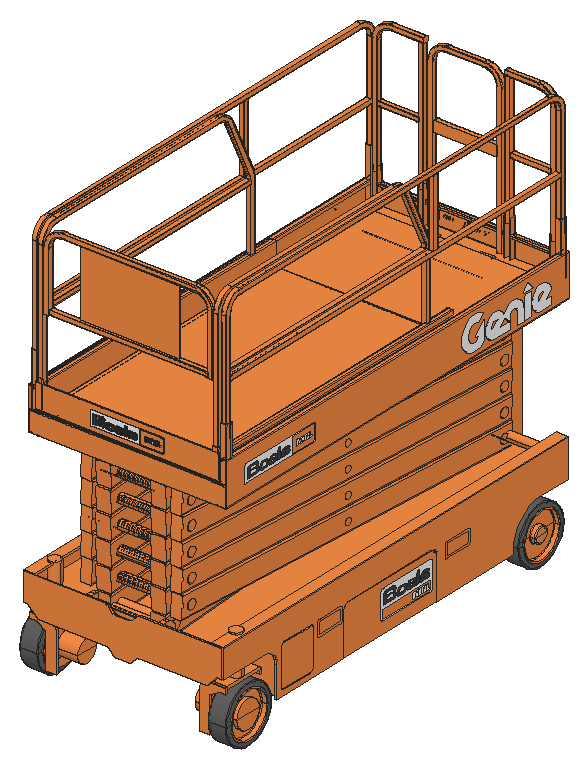
Revit family "BoelsRental_ScissorLift_Genie_GS4655a", category Site, Revit 2019 (continued)
Definition of nested family "GS4655_Basket"
  Parameters (values of type "GS4655_Basket")
    WorkingHeight = no
    White = none
    Orange = none
    Default Elevation = 0 mm
    Clearance = none
  Reference planes
    plane 1 "Center (Front/Back)": y = 0
    plane 2: z = 0
    plane 3 "Center (Left/Right)": x = 0
    plane 4: y = 266.342
    plane 5: y = 1327.342
  Forms (mm)
    Extrusion 1, solid
      sketch origin (0, 0, 0) x (1, 0, 0) y (0, 1, 0)
        loop
          line (-1219.2, 1219.2) -> (-1219.2, -1219.2) -> (1219.2, -1219.2) -> (1219.2, 1219.2) -> (-1219.2, 1219.2)
      from 0 to -304.8
    Sweep 2, solid, material <- "Orange"
      path origin (0, 0, 0) x (0, 1, 0) y (0, 0, 1)
        loop
          line (-1486.762, 347.838) -> (-1486.762, 1092.206)
          arc (-1486.762, 1092.206) -> (-1457.18, 1163.623) -> (-1385.762, 1193.206) r 101
          line (-1385.762, 1193.206) -> (1230.719, 1193.206)
          arc (1230.719, 1193.206) -> (1302.137, 1163.623) -> (1331.719, 1092.206) r 101
          line (1331.719, 1092.206) -> (1331.72, 347.838)
      profile origin (0, -77.521, 1193.206) x (0, 0, 1) y (1, 0, 0)
        loop
          line (-16, -624.238) -> (-16, -652.238)
          arc (-16, -652.238) -> (-15.414, -653.652) -> (-14, -654.238) r 2
          line (-14, -654.238) -> (14, -654.238)
          arc (14, -654.238) -> (15.414, -653.652) -> (16, -652.238) r 2
          line (16, -652.238) -> (16, -624.238)
          arc (16, -624.238) -> (15.414, -622.824) -> (14, -622.238) r 2
          line (14, -622.238) -> (-14, -622.238)
          arc (-14, -622.238) -> (-15.414, -622.824) -> (-16, -624.238) r 2
        loop
          arc (-16, 624.238) -> (-15.414, 622.824) -> (-14, 622.238) r 2
          line (-14, 622.238) -> (14, 622.238)
          arc (14, 622.238) -> (15.414, 622.824) -> (16, 624.238) r 2
          line (16, 624.238) -> (16, 652.238)
          arc (16, 652.238) -> (15.414, 653.652) -> (14, 654.238) r 2
          line (14, 654.238) -> (-14, 654.238)
          arc (-14, 654.238) -> (-15.414, 653.652) -> (-16, 652.238) r 2
          line (-16, 652.238) -> (-16, 624.238)
    Extrusion 3, solid, material <- "Orange"
      sketch origin (0, 0, 0) x (1, 0, 0) y (0, 0, 1)
        loop
          arc (-624.238, 688.131) -> (-622.824, 688.716) -> (-622.238, 690.131) r 2
          line (-622.238, 690.131) -> (-622.238, 718.131)
          arc (-622.238, 718.131) -> (-622.824, 719.545) -> (-624.238, 720.131) r 2
          line (-624.238, 720.131) -> (-652.238, 720.131)
          arc (-652.238, 720.131) -> (-653.652, 719.545) -> (-654.238, 718.131) r 2
          line (-654.238, 718.131) -> (-654.238, 690.131)
          arc (-654.238, 690.131) -> (-653.652, 688.716) -> (-652.238, 688.131) r 2
          line (-652.238, 688.131) -> (-624.238, 688.131)
        loop
          line (624.238, 688.131) -> (652.238, 688.131)
          arc (652.238, 688.131) -> (653.652, 688.716) -> (654.238, 690.131) r 2
          line (654.238, 690.131) -> (654.238, 718.131)
          arc (654.238, 718.131) -> (653.652, 719.545) -> (652.238, 720.131) r 2
          line (652.238, 720.131) -> (624.238, 720.131)
          arc (624.238, 720.131) -> (622.824, 719.545) -> (622.238, 718.131) r 2
          line (622.238, 718.131) -> (622.238, 690.131)
          arc (622.238, 690.131) -> (622.824, 688.716) -> (624.238, 688.131) r 2
      from -1315.719 to 1470.762
    Extrusion 4, solid, material <- "Orange"
      sketch origin (1.996, 0, 0) x (1, 0, 0) y (0, 1, 0)
        loop
          arc (-624.238, 240.009) -> (-622.824, 240.594) -> (-622.238, 242.009) r 2
          line (-622.238, 242.009) -> (-622.238, 270.009)
          arc (-622.238, 270.009) -> (-622.824, 271.423) -> (-624.238, 272.009) r 2
          line (-624.238, 272.009) -> (-652.238, 272.009)
          arc (-652.238, 272.009) -> (-653.652, 271.423) -> (-654.238, 270.009) r 2
          line (-654.238, 270.009) -> (-654.238, 242.009)
          arc (-654.238, 242.009) -> (-653.652, 240.594) -> (-652.238, 240.009) r 2
          line (-652.238, 240.009) -> (-624.238, 240.009)
        loop
          line (624.238, 240.009) -> (652.238, 240.009)
          arc (652.238, 240.009) -> (653.652, 240.594) -> (654.238, 242.009) r 2
          line (654.238, 242.009) -> (654.238, 270.009)
          arc (654.238, 270.009) -> (653.652, 271.423) -> (652.238, 272.009) r 2
          line (652.238, 272.009) -> (624.238, 272.009)
          arc (624.238, 272.009) -> (622.824, 271.423) -> (622.238, 270.009) r 2
          line (622.238, 270.009) -> (622.238, 242.009)
          arc (622.238, 242.009) -> (622.824, 240.594) -> (624.238, 240.009) r 2
      from 720.131 to 1177.206
    Sweep 5, solid, material <- "Orange"
      path origin (0, 0, 0) x (1, 0, 0) y (0, 0, 1)
        loop
          line (-228.291, 88.739) -> (-228.291, 1090.986)
          arc (-228.291, 1090.986) -> (-198.708, 1162.404) -> (-127.291, 1191.986) r 101
          line (-127.291, 1191.986) -> (136.31, 1191.986)
          arc (136.31, 1191.986) -> (207.728, 1162.404) -> (237.31, 1090.986) r 101
          line (237.31, 1090.986) -> (237.31, 88.739)
      profile origin (-228.291, 0, 589.863) x (-1, 0, 0) y (0, -1, 0)
        loop
          line (14, -1315.719) -> (-14, -1315.719)
          arc (-14, -1315.719) -> (-15.414, -1316.305) -> (-16, -1317.719) r 2
          line (-16, -1317.719) -> (-16, -1345.719)
          arc (-16, -1345.719) -> (-15.414, -1347.134) -> (-14, -1347.719) r 2
          line (-14, -1347.719) -> (14, -1347.719)
          arc (14, -1347.719) -> (15.414, -1347.134) -> (16, -1345.719) r 2
          line (16, -1345.719) -> (16, -1317.719)
          arc (16, -1317.719) -> (15.414, -1316.305) -> (14, -1315.719) r 2
    Sweep 6, solid, material <- "Orange"
      path origin (-373.13, 0, 0) x (1, 0, 0) y (0, 0, 1)
        loop
          line (-228.291, 288.825) -> (-228.291, 1090.986)
          arc (-228.291, 1090.986) -> (-198.708, 1162.404) -> (-127.291, 1191.986) r 101
          line (-127.291, 1191.986) -> (100.514, 1191.986)
      profile origin (-601.421, 0, 689.906) x (-1, 0, 0) y (0, -1, 0)
        loop
          line (14, -1315.719) -> (-14, -1315.719)
          arc (-14, -1315.719) -> (-15.414, -1316.305) -> (-16, -1317.719) r 2
          line (-16, -1317.719) -> (-16, -1345.719)
          arc (-16, -1345.719) -> (-15.414, -1347.134) -> (-14, -1347.719) r 2
          line (-14, -1347.719) -> (14, -1347.719)
          arc (14, -1347.719) -> (15.414, -1347.134) -> (16, -1345.719) r 2
          line (16, -1345.719) -> (16, -1317.719)
          arc (16, -1317.719) -> (15.414, -1316.305) -> (14, -1315.719) r 2
    Sweep 7, solid, material <- "Orange"
      path origin (373.13, 0, 0) x (-1, 0, 0) y (0, 0, 1)
        loop
          line (-228.291, 288.825) -> (-228.291, 1090.986)
          arc (-228.291, 1090.986) -> (-198.708, 1162.404) -> (-127.291, 1191.986) r 101
          line (-127.291, 1191.986) -> (100.514, 1191.986)
      profile origin (601.421, 0, 689.906) x (-1, 0, 0) y (0, -1, 0)
        loop
          arc (-14, -1315.719) -> (-15.414, -1316.305) -> (-16, -1317.719) r 2
          line (-16, -1317.719) -> (-16, -1345.719)
          arc (-16, -1345.719) -> (-15.414, -1347.134) -> (-14, -1347.719) r 2
          line (-14, -1347.719) -> (14, -1347.719)
          arc (14, -1347.719) -> (15.414, -1347.134) -> (16, -1345.719) r 2
          line (16, -1345.719) -> (16, -1317.719)
          arc (16, -1317.719) -> (15.414, -1316.305) -> (14, -1315.719) r 2
          line (14, -1315.719) -> (-14, -1315.719)
    Extrusion 8, solid, material <- "Orange"
      sketch origin (0, 0, 0) x (1, 0, 0) y (0, 1, 0)
        loop
          line (-305.541, 1315.719) -> (-277.541, 1315.719)
          arc (-277.541, 1315.719) -> (-276.126, 1316.305) -> (-275.541, 1317.719) r 2
          line (-275.541, 1317.719) -> (-275.541, 1345.719)
          arc (-275.541, 1345.719) -> (-276.126, 1347.134) -> (-277.541, 1347.719) r 2
          line (-277.541, 1347.719) -> (-305.541, 1347.719)
          arc (-305.541, 1347.719) -> (-306.955, 1347.134) -> (-307.541, 1345.719) r 2
          line (-307.541, 1345.719) -> (-307.541, 1317.719)
          arc (-307.541, 1317.719) -> (-306.955, 1316.305) -> (-305.541, 1315.719) r 2
        loop
          arc (305.541, 1315.719) -> (306.955, 1316.305) -> (307.541, 1317.719) r 2
          line (307.541, 1317.719) -> (307.541, 1345.719)
          arc (307.541, 1345.719) -> (306.955, 1347.134) -> (305.541, 1347.719) r 2
          line (305.541, 1347.719) -> (277.541, 1347.719)
          arc (277.541, 1347.719) -> (276.126, 1347.134) -> (275.541, 1345.719) r 2
          line (275.541, 1345.719) -> (275.541, 1317.719)
          arc (275.541, 1317.719) -> (276.126, 1316.305) -> (277.541, 1315.719) r 2
          line (277.541, 1315.719) -> (305.541, 1315.719)
      from 288.825 to 1175.986
    Extrusion 9, solid, material <- "Orange"
      sketch origin (77.521, 693.482, 0) x (0, -1, 0) y (0, 0, 1)
        loop
          arc (-624.238, 688.131) -> (-622.824, 688.716) -> (-622.238, 690.131) r 2
          line (-622.238, 690.131) -> (-622.238, 718.131)
          arc (-622.238, 718.131) -> (-622.824, 719.545) -> (-624.238, 720.131) r 2
          line (-624.238, 720.131) -> (-652.238, 720.131)
          arc (-652.238, 720.131) -> (-653.652, 719.545) -> (-654.238, 718.131) r 2
          line (-654.238, 718.131) -> (-654.238, 690.131)
          arc (-654.238, 690.131) -> (-653.652, 688.716) -> (-652.238, 688.131) r 2
          line (-652.238, 688.131) -> (-624.238, 688.131)
      from 385.062 to 662.942
    Extrusion 10, solid, material <- "Orange"
      sketch origin (-77.521, 693.482, 0) x (0, -1, 0) y (0, 0, -1)
        loop
          line (-624.238, -688.131) -> (-652.238, -688.131)
          arc (-652.238, -688.131) -> (-653.652, -688.716) -> (-654.238, -690.131) r 2
          line (-654.238, -690.131) -> (-654.238, -718.131)
          arc (-654.238, -718.131) -> (-653.652, -719.545) -> (-652.238, -720.131) r 2
          line (-652.238, -720.131) -> (-624.238, -720.131)
          arc (-624.238, -720.131) -> (-622.824, -719.545) -> (-622.238, -718.131) r 2
          line (-622.238, -718.131) -> (-622.238, -690.131)
          arc (-622.238, -690.131) -> (-622.824, -688.716) -> (-624.238, -688.131) r 2
      from 385.062 to 662.942
    Extrusion 11, solid, material <- "Orange"
      sketch origin (77.521, 693.482, 0) x (0, -1, 0) y (0, 0, 1)
        loop
          line (-624.268, 664.82) -> (-624.268, 736.82) -> (-655.288, 736.82)
          arc (-655.288, 736.82) -> (-656.702, 736.235) -> (-657.288, 734.82) r 2
          line (-657.288, 734.82) -> (-657.288, 666.82)
          arc (-657.288, 666.82) -> (-656.702, 665.406) -> (-655.288, 664.82) r 2
          line (-655.288, 664.82) -> (-624.268, 664.82)
      from -143.789 to 289.812
    Extrusion 12, solid, material <- "Orange"
      sketch origin (0, 0, 0) x (0, 1, 0) y (0, 0, 1)
        loop
          line (1289.922, 63.5) -> (1162.922, 63.5) -> (1162.922, -58.678) -> (1289.922, -58.678) -> (1289.922, 63.5)
      from 595 to 665
    Extrusion 13, solid, material <- "Orange"
      sketch origin (0, 0, 0) x (0, 1, 0) y (0, 0, 1)
        loop
          line (1289.922, 63.5) -> (1162.922, 63.5) -> (1162.922, -58.678) -> (1289.922, -58.678) -> (1289.922, 63.5)
      from -595 to -665
    Extrusion 14, solid, material <- "Orange"
      sketch origin (0, 0, 0) x (0, 1, 0) y (0, 0, 1)
        loop
          circle (1226.422, 0) r 30
      from -595 to 595
    Extrusion 15, solid, material <- "Orange"
      sketch origin (0, 0, 0) x (0, 1, 0) y (0, 0, 1)
        loop
          line (-1369.246, 63.877) -> (-1369.246, 73.402) -> (-1477.196, 73.402) -> (-1477.196, -53.598) -> (-1467.671, -53.598) -> (-1467.671, 63.877) -> (-1369.246, 63.877)
      from -420 to 420
    Extrusion 16, solid, material <- "Orange"
      sketch origin (0, 0, 0) x (0, 1, 0) y (0, 0, 1)
        loop
          line (-1467.671, 63.877) -> (-1467.671, -25.023) -> (-1410.521, -25.023)
          arc (-1410.521, -25.023) -> (-1388.071, -15.724) -> (-1378.771, 6.727) r 31.75
          line (-1378.771, 6.727) -> (-1378.771, 63.877) -> (-1467.671, 63.877)
      from 265 to 335
    Extrusion 17, solid, material <- "Orange"
      sketch origin (0, 0, 0) x (0, 1, 0) y (0, 0, 1)
        loop
          line (-1467.671, 63.877) -> (-1467.671, -25.023) -> (-1410.521, -25.023)
          arc (-1410.521, -25.023) -> (-1388.071, -15.724) -> (-1378.771, 6.727) r 31.75
          line (-1378.771, 6.727) -> (-1378.771, 63.877) -> (-1467.671, 63.877)
      from -265 to -335
    Extrusion 18, solid, material <- "Orange"
      sketch origin (0, 0, 0) x (1, 0, 0) y (0, 1, 0)
        loop
          line (-622.238, 1310.719) -> (-622.238, 1314.719) -> (-655.238, 1314.719) -> (-655.238, 1348.719) -> (-622.238, 1348.719) -> (-622.238, 1352.719) -> (-655.238, 1352.719)
          arc (-655.238, 1352.719) -> (-658.066, 1351.548) -> (-659.238, 1348.719) r 4
          line (-659.238, 1348.719) -> (-659.238, 1314.719)
          arc (-659.238, 1314.719) -> (-658.066, 1311.891) -> (-655.238, 1310.719) r 4
          line (-655.238, 1310.719) -> (-622.238, 1310.719)
        loop
          line (622.238, 1310.719) -> (655.238, 1310.719)
          arc (655.238, 1310.719) -> (658.066, 1311.891) -> (659.238, 1314.719) r 4
          line (659.238, 1314.719) -> (659.238, 1348.719)
          arc (659.238, 1348.719) -> (658.066, 1351.548) -> (655.238, 1352.719) r 4
          line (655.238, 1352.719) -> (622.238, 1352.719) -> (622.238, 1348.719) -> (655.238, 1348.719) -> (655.238, 1314.719) -> (622.238, 1314.719) -> (622.238, 1310.719)
        loop
          line (-622.238, -1507.762) -> (-622.238, -1503.762) -> (-655.238, -1503.762) -> (-655.238, -1469.762) -> (-622.238, -1469.762) -> (-622.238, -1465.762) -> (-655.238, -1465.762)
          arc (-655.238, -1465.762) -> (-658.066, -1466.934) -> (-659.238, -1469.762) r 4
          line (-659.238, -1469.762) -> (-659.238, -1503.762)
          arc (-659.238, -1503.762) -> (-658.066, -1506.591) -> (-655.238, -1507.762) r 4
          line (-655.238, -1507.762) -> (-622.238, -1507.762)
        loop
          line (622.238, -1507.762) -> (655.238, -1507.762)
          arc (655.238, -1507.762) -> (658.066, -1506.591) -> (659.238, -1503.762) r 4
          line (659.238, -1503.762) -> (659.238, -1469.762)
          arc (659.238, -1469.762) -> (658.066, -1466.934) -> (655.238, -1465.762) r 4
          line (655.238, -1465.762) -> (622.238, -1465.762) -> (622.238, -1469.762) -> (655.238, -1469.762) -> (655.238, -1503.762) -> (622.238, -1503.762) -> (622.238, -1507.762)
      from 75 to 440
    Extrusion 19, solid, material <- "Orange"
      sketch origin (0, 0, 0) x (1, 0, 0) y (0, 1, 0)
        loop
          line (-312.541, 1315.719) -> (-308.541, 1315.719) -> (-308.541, 1348.719) -> (-274.541, 1348.719) -> (-274.541, 1315.719) -> (-270.541, 1315.719) -> (-270.541, 1348.719)
          arc (-270.541, 1348.719) -> (-271.712, 1351.548) -> (-274.541, 1352.719) r 4
          line (-274.541, 1352.719) -> (-308.541, 1352.719)
          arc (-308.541, 1352.719) -> (-311.369, 1351.548) -> (-312.541, 1348.719) r 4
          line (-312.541, 1348.719) -> (-312.541, 1315.719)
        loop
          line (622.421, 1315.719) -> (622.421, 1348.719)
          arc (622.421, 1348.719) -> (621.249, 1351.548) -> (618.421, 1352.719) r 4
          line (618.421, 1352.719) -> (584.421, 1352.719)
          arc (584.421, 1352.719) -> (581.592, 1351.548) -> (580.421, 1348.719) r 4
          line (580.421, 1348.719) -> (580.421, 1315.719) -> (584.421, 1315.719) -> (584.421, 1348.719) -> (618.421, 1348.719) -> (618.421, 1315.719) -> (622.421, 1315.719)
        loop
          line (312.541, 1315.719) -> (312.541, 1348.719)
          arc (312.541, 1348.719) -> (311.369, 1351.548) -> (308.541, 1352.719) r 4
          line (308.541, 1352.719) -> (274.541, 1352.719)
          arc (274.541, 1352.719) -> (271.712, 1351.548) -> (270.541, 1348.719) r 4
          line (270.541, 1348.719) -> (270.541, 1315.719) -> (274.541, 1315.719) -> (274.541, 1348.719) -> (308.541, 1348.719) -> (308.541, 1315.719) -> (312.541, 1315.719)
        loop
          line (-622.421, 1315.719) -> (-618.421, 1315.719) -> (-618.421, 1348.719) -> (-584.421, 1348.719) -> (-584.421, 1315.719) -> (-580.421, 1315.719) -> (-580.421, 1348.719)
          arc (-580.421, 1348.719) -> (-581.592, 1351.548) -> (-584.421, 1352.719) r 4
          line (-584.421, 1352.719) -> (-618.421, 1352.719)
          arc (-618.421, 1352.719) -> (-621.249, 1351.548) -> (-622.421, 1348.719) r 4
          line (-622.421, 1348.719) -> (-622.421, 1315.719)
      from 75 to 325
    Extrusion 20, solid, material <- "Orange"
      sketch origin (0, 0, 0) x (0, 1, 0) y (0, 0, 1)
        loop
          arc (1342.136, 223.391) -> (1344.021, 222.61) -> (1344.803, 220.724) r 2.667
          line (1344.803, 220.724) -> (1344.803, 76.058) -> (1347.47, 76.058) -> (1347.47, 220.724)
          arc (1347.47, 220.724) -> (1345.907, 224.496) -> (1342.136, 226.058) r 5.334
          line (1342.136, 226.058) -> (1319.022, 226.058)
          arc (1319.022, 226.058) -> (1315.25, 224.496) -> (1313.688, 220.724) r 5.334
          line (1313.688, 220.724) -> (1313.688, 207.008) -> (1316.355, 207.008) -> (1316.355, 220.724)
          arc (1316.355, 220.724) -> (1317.136, 222.61) -> (1319.022, 223.391) r 2.667
          line (1319.022, 223.391) -> (1342.136, 223.391)
      from 312.541 to 580.421
    Extrusion 21, solid, material <- "Orange"
      sketch origin (0, 0, 0) x (0, 1, 0) y (0, 0, 1)
        loop
          arc (1342.136, 223.391) -> (1344.021, 222.61) -> (1344.803, 220.724) r 2.667
          line (1344.803, 220.724) -> (1344.803, 76.058) -> (1347.47, 76.058) -> (1347.47, 220.724)
          arc (1347.47, 220.724) -> (1345.907, 224.496) -> (1342.136, 226.058) r 5.334
          line (1342.136, 226.058) -> (1319.022, 226.058)
          arc (1319.022, 226.058) -> (1315.25, 224.496) -> (1313.688, 220.724) r 5.334
          line (1313.688, 220.724) -> (1313.688, 207.008) -> (1316.355, 207.008) -> (1316.355, 220.724)
          arc (1316.355, 220.724) -> (1317.136, 222.61) -> (1319.022, 223.391) r 2.667
          line (1319.022, 223.391) -> (1342.136, 223.391)
      from -312.5 to -580.4
    Extrusion 22, solid, material <- "Orange"
      sketch origin (0, 0, 0) x (0, 1, 0) y (0, 0, 1)
        loop
          arc (1322.155, 231.139) -> (1318.501, 229.626) -> (1316.988, 225.972) r 5.167
          line (1316.988, 225.972) -> (1316.988, 212.089) -> (1319.488, 212.089) -> (1319.488, 225.972)
          arc (1319.488, 225.972) -> (1320.269, 227.858) -> (1322.155, 228.639) r 2.667
          line (1322.155, 228.639) -> (1345.603, 228.639)
          arc (1345.603, 228.639) -> (1347.488, 227.858) -> (1348.27, 225.972) r 2.667
          line (1348.27, 225.972) -> (1348.27, 88.739) -> (1350.77, 88.739) -> (1350.77, 225.972)
          arc (1350.77, 225.972) -> (1349.256, 229.626) -> (1345.603, 231.139) r 5.167
          line (1345.603, 231.139) -> (1322.155, 231.139)
      from -260 to 260
    Extrusion 23, solid, material <- "Orange"
      sketch origin (0, 0, 0) x (1, 0, 0) y (0, 0, 1)
        loop
          arc (666.75, 223.086) -> (664.805, 227.783) -> (660.108, 229.728) r 6.642
          line (660.108, 229.728) -> (634.708, 229.728)
          arc (634.708, 229.728) -> (630.011, 227.783) -> (628.066, 223.086) r 6.642
          line (628.066, 223.086) -> (628.066, 210.678) -> (630.723, 210.678) -> (630.723, 223.086)
          arc (630.723, 223.086) -> (631.89, 225.904) -> (634.708, 227.072) r 3.985
          line (634.708, 227.072) -> (660.108, 227.072)
          arc (660.108, 227.072) -> (662.926, 225.904) -> (664.093, 223.086) r 3.985
          line (664.093, 223.086) -> (664.093, 76.058) -> (568.843, 76.058) -> (568.843, 73.402) -> (664.093, 73.402) -> (664.093, -54.678)
          arc (664.093, -54.678) -> (662.922, -57.507) -> (660.093, -58.678) r 4
          line (660.093, -58.678) -> (594.243, -58.678) -> (594.243, -61.335) -> (658.75, -61.335)
          arc (658.75, -61.335) -> (664.407, -58.992) -> (666.75, -53.335) r 8
          line (666.75, -53.335) -> (666.75, 223.086)
        loop
          line (-666.75, 223.086) -> (-666.75, -53.335)
          arc (-666.75, -53.335) -> (-664.407, -58.992) -> (-658.75, -61.335) r 8
          line (-658.75, -61.335) -> (-594.243, -61.335) -> (-594.243, -58.678) -> (-660.093, -58.678)
          arc (-660.093, -58.678) -> (-662.922, -57.507) -> (-664.093, -54.678) r 4
          line (-664.093, -54.678) -> (-664.093, 73.402) -> (-568.843, 73.402) -> (-568.843, 76.058) -> (-664.093, 76.058) -> (-664.093, 223.086)
          arc (-664.093, 223.086) -> (-662.926, 225.904) -> (-660.108, 227.072) r 3.985
          line (-660.108, 227.072) -> (-634.708, 227.072)
          arc (-634.708, 227.072) -> (-631.89, 225.904) -> (-630.723, 223.086) r 3.985
          line (-630.723, 223.086) -> (-630.723, 210.678) -> (-628.066, 210.678) -> (-628.066, 223.086)
          arc (-628.066, 223.086) -> (-630.011, 227.783) -> (-634.708, 229.728) r 6.642
          line (-634.708, 229.728) -> (-660.108, 229.728)
          arc (-660.108, 229.728) -> (-664.805, 227.783) -> (-666.75, 223.086) r 6.642
      from -1362.5 to 1520
    Extrusion 24, solid, material <- "Orange"
      sketch origin (0, 0, 0) x (1, 0, 0) y (0, 1, 0)
        loop
          line (-590.55, -1348.55) -> (590.55, -1348.55) -> (590.55, 1267.65) -> (-590.55, 1267.65) -> (-590.55, -1348.55)
      from 76 to 80
    Extrusion 25, solid, material <- "Orange"
      sketch origin (0, 0, 0) x (0, 1, 0) y (0, 0, 1)
        loop
          line (-1520, 71.058) -> (-1520, -61.335) -> (-1477.196, -61.335) -> (-1477.196, 73.402) -> (-1335.85, 73.402) -> (-1335.85, 76.058) -> (-1515, 76.058)
          arc (-1515, 76.058) -> (-1518.536, 74.594) -> (-1520, 71.058) r 5
        loop
          line (1362.5, -54.693) -> (1362.5, 71.058)
          arc (1362.5, 71.058) -> (1361.036, 74.594) -> (1357.5, 76.058) r 5
          line (1357.5, 76.058) -> (1254.95, 76.058) -> (1254.95, 48.002) -> (1360.243, 48.002) -> (1360.243, -54.693) -> (1362.5, -54.693)
      from -664.093 to 664.093
    Extrusion 26, solid, material <- "White"
      sketch origin (-546.037, 877.658, 19.89) x (0, -1, 0) y (0, 0, 1)
        loop
          line (221.743, 170.912) -> (176.733, 125.902) -> (266.752, 125.902) -> (221.743, 170.912)
        loop
          line (197.547, 110.667) -> (197.547, -44.366) -> (245.939, -44.366) -> (245.939, 110.667) -> (197.547, 110.667)
        loop
          line (135.175, -44.366) -> (184.463, -44.366) -> (184.463, 37.439)
          arc (184.463, 37.439) -> (111.9, 118.331) -> (23.63, 54.949) r 81.37
          arc (23.63, 54.949) -> (-118.977, 87.384) -> (-55.488, -44.366) r 81.172
          line (-55.488, -44.366) -> (71.011, -44.366) -> (71.011, 37.439)
          arc (71.011, 37.439) -> (103.093, 69.521) -> (135.175, 37.439) r 32.082
          line (135.175, 37.439) -> (135.175, -44.366)
        loop
          line (24.262, 47.33) -> (-19.292, 3.776) -> (67.815, 3.776) -> (24.262, 47.33)
        loop
          line (315.042, 13.926) -> (359.338, 59.796)
          arc (359.338, 59.796) -> (314.312, 58.955) -> (315.042, 13.926) r 31.884
        loop
          line (-77.694, 13.926) -> (-33.397, 59.796)
          arc (-33.397, 59.796) -> (-78.424, 58.955) -> (-77.694, 13.926) r 31.884
        loop
          line (417.259, -44.366) -> (417.259, 4.026) -> (375.176, 4.026) -> (417.817, 46.667)
          arc (417.817, 46.667) -> (276.463, 90.604) -> (337.247, -44.366) r 81.172
          line (337.247, -44.366) -> (417.259, -44.366)
        loop
          line (-146.202, -16.544) -> (-146.202, 112.138) -> (-214.384, 40.527)
          arc (-214.384, 40.527) -> (-202.289, 35.367) -> (-197.001, 23.327) r 17.868
          arc (-197.001, 23.327) -> (-200.417, 12.79) -> (-209.822, 6.94) r 16.131
          arc (-209.822, 6.94) -> (-254.51, 14.967) -> (-281.101, 51.768) r 60.645
          arc (-281.101, 51.768) -> (-259.095, 114.361) -> (-192.92, 119.165) r 60.524
          line (-192.92, 119.165) -> (-155.397, 156.688)
          arc (-155.397, 156.688) -> (-334.684, 60.311) -> (-146.202, -16.544) r 112.5
      from 120.713 to 122.5
    Extrusion 27, solid, material <- "White"
      sketch origin (546.037, 795.026, 19.89) x (0, 1, 0) y (0, 0, 1)
        loop
          line (221.743, 170.912) -> (176.733, 125.902) -> (266.752, 125.902) -> (221.743, 170.912)
        loop
          line (197.547, 110.667) -> (197.547, -44.366) -> (245.939, -44.366) -> (245.939, 110.667) -> (197.547, 110.667)
        loop
          line (135.175, -44.366) -> (184.463, -44.366) -> (184.463, 37.439)
          arc (184.463, 37.439) -> (111.9, 118.331) -> (23.63, 54.949) r 81.37
          arc (23.63, 54.949) -> (-118.977, 87.384) -> (-55.488, -44.366) r 81.172
          line (-55.488, -44.366) -> (71.011, -44.366) -> (71.011, 37.439)
          arc (71.011, 37.439) -> (103.093, 69.521) -> (135.175, 37.439) r 32.082
          line (135.175, 37.439) -> (135.175, -44.366)
        loop
          line (24.262, 47.33) -> (-19.292, 3.776) -> (67.815, 3.776) -> (24.262, 47.33)
        loop
          line (315.042, 13.926) -> (359.338, 59.796)
          arc (359.338, 59.796) -> (314.312, 58.955) -> (315.042, 13.926) r 31.884
        loop
          line (-77.694, 13.926) -> (-33.397, 59.796)
          arc (-33.397, 59.796) -> (-78.424, 58.955) -> (-77.694, 13.926) r 31.884
        loop
          line (417.259, -44.366) -> (417.259, 4.026) -> (375.176, 4.026) -> (417.817, 46.667)
          arc (417.817, 46.667) -> (276.463, 90.604) -> (337.247, -44.366) r 81.172
          line (337.247, -44.366) -> (417.259, -44.366)
        loop
          line (-146.202, -16.544) -> (-146.202, 112.138) -> (-214.384, 40.527)
          arc (-214.384, 40.527) -> (-202.289, 35.367) -> (-197.001, 23.327) r 17.868
          arc (-197.001, 23.327) -> (-200.417, 12.79) -> (-209.822, 6.94) r 16.131
          arc (-209.822, 6.94) -> (-254.51, 14.967) -> (-281.101, 51.768) r 60.645
          arc (-281.101, 51.768) -> (-259.095, 114.361) -> (-192.92, 119.165) r 60.524
          line (-192.92, 119.165) -> (-155.397, 156.688)
          arc (-155.397, 156.688) -> (-334.684, 60.311) -> (-146.202, -16.544) r 112.5
      from 120.713 to 122.5
    Extrusion 28, solid, material <- "Clearance", visible <- "WorkingHeight"
      sketch origin (-57.993, 980.041, 0) x (1, 0, 0) y (0, 1, 0)
        loop
          line (-608.757, 382.459) -> (-608.757, -2500.041) -> (724.743, -2500.041) -> (724.743, 382.459) -> (-608.757, 382.459)
      from 80 to 2080
  Dimensions and locks
    aligned and locked: plane 2 to Extrusion 1
    aligned and locked: level to Extrusion 1
    aligned and locked: Extrusion 28 sketch curve to Extrusion 25
  Nested families
    nested 1: "Logo_Type1_400x80mm" at (0, 1350.77, 160.106) x (-1, 0, 0) z (0, 1, 0), type "Logo_Type1_400x80mm"
    nested 2: "Logo_Type1_600x120mm" at (666.75, -1072.41, 83.668) x (0, 1, 0) z (1, 0, 0), type "Logo_Type1_600x120mm"
    nested 3: "Logo_Type1_600x120mm" at (-666.75, -1072.41, 83.668) x (0, -1, 0) z (-1, 0, 0), type "Logo_Type1_600x120mm"
  Definition of nested family "Logo_Type1_400x80mm"
    Parameters (values of type "Logo_Type1_400x80mm")
      White = none
      Orange = none
      Default Elevation = 0 mm
      Black = none
    Reference planes
      plane 1 "Center (Front/Back)": y = 0
      plane 2: z = 0
      plane 3 "Center (Left/Right)": x = 0
      plane 4: x = -200
      plane 5: x = 200
      plane 6: y = 40
      plane 7: y = -40
    Forms (mm)
      Extrusion 1, solid
        sketch origin (0, 0, 0) x (1, 0, 0) y (0, 1, 0)
          loop
            line (-1219.2, 1219.2) -> (-1219.2, -1219.2) -> (1219.2, -1219.2) -> (1219.2, 1219.2) -> (-1219.2, 1219.2)
        from 0 to -304.8
      Extrusion 2, solid, material <- "Black"
        sketch origin (0, 0, 0) x (1, 0, 0) y (0, 1, 0)
          loop
            line (-183.133, -23.936) -> (-133.333, -23.936)
            arc (-133.333, -23.936) -> (-120.489, -12.866) -> (-129.541, 1.472) r 12.987
            arc (-129.541, 1.472) -> (-122.606, 15.668) -> (-134.94, 25.542) r 12.64
            line (-134.94, 25.542) -> (-183.133, 25.542) -> (-183.133, -23.936)
          loop
            line (-11.245, -23.936) -> (0, -23.936) -> (0, 25.542) -> (-11.245, 25.542) -> (-11.245, -23.936)
          loop
            line (-168.675, -12.691) -> (-139.759, -12.691)
            arc (-139.759, -12.691) -> (-134.94, -7.871) -> (-139.759, -3.052) r 4.819
            line (-139.759, -3.052) -> (-168.675, -3.052) -> (-168.675, -12.691)
          loop
            line (-168.675, 15.1) -> (-168.675, 5.462) -> (-141.365, 5.462)
            arc (-141.365, 5.462) -> (-136.546, 10.281) -> (-141.365, 15.1) r 4.819
            line (-141.365, 15.1) -> (-168.675, 15.1)
          loop
            arc (-114.295, 1.401) -> (-115.527, -7.068) -> (-114.295, -15.538) r 29.719
            arc (-114.295, -15.538) -> (-111.633, -19.837) -> (-107.161, -22.197) r 9.639
            arc (-107.161, -22.197) -> (-91.431, -23.936) -> (-75.7, -22.197) r 72.021
            arc (-75.7, -22.197) -> (-71.229, -19.837) -> (-68.567, -15.538) r 9.639
            arc (-68.567, -15.538) -> (-67.334, -7.068) -> (-68.567, 1.401) r 29.719
            arc (-68.567, 1.401) -> (-71.229, 5.7) -> (-75.7, 8.06) r 9.639
            arc (-75.7, 8.06) -> (-91.431, 9.799) -> (-107.161, 8.06) r 72.021
            arc (-107.161, 8.06) -> (-111.633, 5.7) -> (-114.295, 1.401) r 9.639
          loop
            arc (-98.005, 0.621) -> (-100.667, -0.537) -> (-102.181, -3.014) r 4.819
            arc (-102.181, -3.014) -> (-102.676, -7.068) -> (-102.181, -11.123) r 16.867
            arc (-102.181, -11.123) -> (-100.667, -13.6) -> (-98.005, -14.758) r 4.819
            arc (-98.005, -14.758) -> (-91.431, -15.1) -> (-84.857, -14.758) r 63.186
            arc (-84.857, -14.758) -> (-82.195, -13.6) -> (-80.68, -11.123) r 4.819
            arc (-80.68, -11.123) -> (-80.186, -7.068) -> (-80.68, -3.014) r 16.867
            arc (-80.68, -3.014) -> (-82.195, -0.537) -> (-84.857, 0.621) r 4.819
            arc (-84.857, 0.621) -> (-91.431, 0.964) -> (-98.005, 0.621) r 63.186
          loop
            arc (-62.086, 1.401) -> (-63.318, -7.068) -> (-62.086, -15.538) r 29.719
            arc (-62.086, -15.538) -> (-59.424, -19.837) -> (-54.952, -22.197) r 9.639
            arc (-54.952, -22.197) -> (-39.222, -23.936) -> (-23.492, -22.197) r 72.021
            arc (-23.492, -22.197) -> (-19.02, -19.837) -> (-16.358, -15.538) r 9.639
            arc (-16.358, -15.538) -> (-16.017, -14.295) -> (-15.731, -13.038) r 29.719
            line (-15.731, -13.038) -> (-28.885, -13.038)
            arc (-28.885, -13.038) -> (-30.442, -15.341) -> (-33.012, -16.401) r 4.819
            arc (-33.012, -16.401) -> (-39.222, -16.707) -> (-45.431, -16.401) r 63.186
            arc (-45.431, -16.401) -> (-48.002, -15.341) -> (-49.559, -13.038) r 4.819
            arc (-49.559, -13.038) -> (-50.102, -10.88) -> (-50.402, -8.675) r 20.08
            line (-50.402, -8.675) -> (-15.169, -8.675)
            arc (-15.169, -8.675) -> (-15.33, -3.585) -> (-16.358, 1.401) r 29.719
            arc (-16.358, 1.401) -> (-19.02, 5.7) -> (-23.492, 8.06) r 9.639
            arc (-23.492, 8.06) -> (-39.222, 9.799) -> (-54.952, 8.06) r 72.021
            arc (-54.952, 8.06) -> (-59.424, 5.7) -> (-62.086, 1.401) r 9.639
          loop
            arc (-45.431, 2.264) -> (-48.002, 1.205) -> (-49.559, -1.099) r 4.819
            arc (-49.559, -1.099) -> (-49.835, -2.069) -> (-50.061, -3.052) r 20.08
            line (-50.061, -3.052) -> (-28.383, -3.052)
            arc (-28.383, -3.052) -> (-28.609, -2.069) -> (-28.885, -1.099) r 20.08
            arc (-28.885, -1.099) -> (-30.442, 1.205) -> (-33.012, 2.264) r 4.819
            arc (-33.012, 2.264) -> (-39.222, 2.57) -> (-45.431, 2.264) r 63.186
          loop
            line (16.867, -23.936) -> (42.57, -23.936)
            arc (42.57, -23.936) -> (53.012, -13.494) -> (42.57, -3.052) r 10.442
            line (42.57, -3.052) -> (22.49, -3.052)
            arc (22.49, -3.052) -> (19.277, 0.161) -> (22.49, 3.373) r 3.213
            line (22.49, 3.373) -> (35.341, 3.373)
            arc (35.341, 3.373) -> (37.373, 2.649) -> (38.489, 0.803) r 3.213
            line (38.489, 0.803) -> (52.911, 0.803)
            arc (52.911, 0.803) -> (49.424, 7.235) -> (42.57, 9.799) r 10.442
            line (42.57, 9.799) -> (16.867, 9.799)
            arc (16.867, 9.799) -> (6.426, -0.643) -> (16.867, -11.084) r 10.442
            line (16.867, -11.084) -> (36.948, -11.084)
            arc (36.948, -11.084) -> (40.161, -14.297) -> (36.948, -17.51) r 3.213
            line (36.948, -17.51) -> (22.49, -17.51)
            arc (22.49, -17.51) -> (20.218, -16.569) -> (19.277, -14.297) r 3.213
            line (19.277, -14.297) -> (19.277, -13.494) -> (6.426, -13.494)
            arc (6.426, -13.494) -> (9.484, -20.877) -> (16.867, -23.936) r 10.442
        from 0 to 2.5
      Extrusion 3, solid, material <- "White"
        sketch origin (0, 0, 0) x (1, 0, 0) y (0, 1, 0)
          loop
            arc (-198.394, -30.361) -> (-196.041, -36.041) -> (-190.361, -38.394) r 8.032
            line (-190.361, -38.394) -> (190.361, -38.394)
            arc (190.361, -38.394) -> (196.041, -36.041) -> (198.394, -30.361) r 8.032
            line (198.394, -30.361) -> (198.394, 30.361)
            arc (198.394, 30.361) -> (196.041, 36.041) -> (190.361, 38.394) r 8.032
            line (190.361, 38.394) -> (-190.361, 38.394)
            arc (-190.361, 38.394) -> (-196.041, 36.041) -> (-198.394, 30.361) r 8.032
            line (-198.394, 30.361) -> (-198.394, -30.361)
          loop
            line (66.667, 36.787) -> (66.667, -36.787) -> (190.361, -36.787)
            arc (190.361, -36.787) -> (194.905, -34.905) -> (196.787, -30.361) r 6.426
            line (196.787, -30.361) -> (196.787, 30.361)
            arc (196.787, 30.361) -> (194.905, 34.905) -> (190.361, 36.787) r 6.426
            line (190.361, 36.787) -> (66.667, 36.787)
          loop
            line (-183.133, -23.936) -> (-133.333, -23.936)
            arc (-133.333, -23.936) -> (-120.489, -12.866) -> (-129.541, 1.472) r 12.987
            arc (-129.541, 1.472) -> (-122.606, 15.668) -> (-134.94, 25.542) r 12.64
            line (-134.94, 25.542) -> (-183.133, 25.542) -> (-183.133, -23.936)
          loop
            line (-11.245, -23.936) -> (0, -23.936) -> (0, 25.542) -> (-11.245, 25.542) -> (-11.245, -23.936)
          loop
            line (-168.675, -12.691) -> (-139.759, -12.691)
            arc (-139.759, -12.691) -> (-134.94, -7.871) -> (-139.759, -3.052) r 4.819
            line (-139.759, -3.052) -> (-168.675, -3.052) -> (-168.675, -12.691)
          loop
            line (-168.675, 15.1) -> (-168.675, 5.462) -> (-141.365, 5.462)
            arc (-141.365, 5.462) -> (-136.546, 10.281) -> (-141.365, 15.1) r 4.819
            line (-141.365, 15.1) -> (-168.675, 15.1)
          loop
            arc (-114.295, 1.401) -> (-115.527, -7.068) -> (-114.295, -15.538) r 29.719
            arc (-114.295, -15.538) -> (-111.633, -19.837) -> (-107.161, -22.197) r 9.639
            arc (-107.161, -22.197) -> (-91.431, -23.936) -> (-75.7, -22.197) r 72.021
            arc (-75.7, -22.197) -> (-71.229, -19.837) -> (-68.567, -15.538) r 9.639
            arc (-68.567, -15.538) -> (-67.334, -7.068) -> (-68.567, 1.401) r 29.719
            arc (-68.567, 1.401) -> (-71.229, 5.7) -> (-75.7, 8.06) r 9.639
            arc (-75.7, 8.06) -> (-91.431, 9.799) -> (-107.161, 8.06) r 72.021
            arc (-107.161, 8.06) -> (-111.633, 5.7) -> (-114.295, 1.401) r 9.639
          loop
            arc (-98.005, 0.621) -> (-100.667, -0.537) -> (-102.181, -3.014) r 4.819
            arc (-102.181, -3.014) -> (-102.676, -7.068) -> (-102.181, -11.123) r 16.867
            arc (-102.181, -11.123) -> (-100.667, -13.6) -> (-98.005, -14.758) r 4.819
            arc (-98.005, -14.758) -> (-91.431, -15.1) -> (-84.857, -14.758) r 63.186
            arc (-84.857, -14.758) -> (-82.195, -13.6) -> (-80.68, -11.123) r 4.819
            arc (-80.68, -11.123) -> (-80.186, -7.068) -> (-80.68, -3.014) r 16.867
            arc (-80.68, -3.014) -> (-82.195, -0.537) -> (-84.857, 0.621) r 4.819
            arc (-84.857, 0.621) -> (-91.431, 0.964) -> (-98.005, 0.621) r 63.186
          loop
            arc (-62.086, 1.401) -> (-63.318, -7.068) -> (-62.086, -15.538) r 29.719
            arc (-62.086, -15.538) -> (-59.424, -19.837) -> (-54.952, -22.197) r 9.639
            arc (-54.952, -22.197) -> (-39.222, -23.936) -> (-23.492, -22.197) r 72.021
            arc (-23.492, -22.197) -> (-19.02, -19.837) -> (-16.358, -15.538) r 9.639
            arc (-16.358, -15.538) -> (-16.017, -14.295) -> (-15.731, -13.038) r 29.719
            line (-15.731, -13.038) -> (-28.885, -13.038)
            arc (-28.885, -13.038) -> (-30.442, -15.341) -> (-33.012, -16.401) r 4.819
            arc (-33.012, -16.401) -> (-39.222, -16.707) -> (-45.431, -16.401) r 63.186
            arc (-45.431, -16.401) -> (-48.002, -15.341) -> (-49.559, -13.038) r 4.819
            arc (-49.559, -13.038) -> (-50.102, -10.88) -> (-50.402, -8.675) r 20.08
            line (-50.402, -8.675) -> (-15.169, -8.675)
            arc (-15.169, -8.675) -> (-15.33, -3.585) -> (-16.358, 1.401) r 29.719
            arc (-16.358, 1.401) -> (-19.02, 5.7) -> (-23.492, 8.06) r 9.639
            arc (-23.492, 8.06) -> (-39.222, 9.799) -> (-54.952, 8.06) r 72.021
            arc (-54.952, 8.06) -> (-59.424, 5.7) -> (-62.086, 1.401) r 9.639
          loop
            arc (-45.431, 2.264) -> (-48.002, 1.205) -> (-49.559, -1.099) r 4.819
            arc (-49.559, -1.099) -> (-49.835, -2.069) -> (-50.061, -3.052) r 20.08
            line (-50.061, -3.052) -> (-28.383, -3.052)
            arc (-28.383, -3.052) -> (-28.609, -2.069) -> (-28.885, -1.099) r 20.08
            arc (-28.885, -1.099) -> (-30.442, 1.205) -> (-33.012, 2.264) r 4.819
            arc (-33.012, 2.264) -> (-39.222, 2.57) -> (-45.431, 2.264) r 63.186
          loop
            line (16.867, -23.936) -> (42.57, -23.936)
            arc (42.57, -23.936) -> (53.012, -13.494) -> (42.57, -3.052) r 10.442
            line (42.57, -3.052) -> (22.49, -3.052)
            arc (22.49, -3.052) -> (19.277, 0.161) -> (22.49, 3.373) r 3.213
            line (22.49, 3.373) -> (35.341, 3.373)
            arc (35.341, 3.373) -> (37.373, 2.649) -> (38.489, 0.803) r 3.213
            line (38.489, 0.803) -> (52.911, 0.803)
            arc (52.911, 0.803) -> (49.424, 7.235) -> (42.57, 9.799) r 10.442
            line (42.57, 9.799) -> (16.867, 9.799)
            arc (16.867, 9.799) -> (6.426, -0.643) -> (16.867, -11.084) r 10.442
            line (16.867, -11.084) -> (36.948, -11.084)
            arc (36.948, -11.084) -> (40.161, -14.297) -> (36.948, -17.51) r 3.213
            line (36.948, -17.51) -> (22.49, -17.51)
            arc (22.49, -17.51) -> (20.218, -16.569) -> (19.277, -14.297) r 3.213
            line (19.277, -14.297) -> (19.277, -13.494) -> (6.426, -13.494)
            arc (6.426, -13.494) -> (9.484, -20.877) -> (16.867, -23.936) r 10.442
          loop
            line (97.189, -10.427) -> (97.189, -1.621) -> (98.795, -1.621)
            arc (98.795, -1.621) -> (101.067, -2.562) -> (102.008, -4.834) r 3.213
            line (102.008, -4.834) -> (102.008, -10.427) -> (106.024, -10.427) -> (106.024, -4.834)
            arc (106.024, -4.834) -> (105.407, -1.912) -> (103.663, 0.511) r 7.229
            arc (103.663, 0.511) -> (105.781, 6.601) -> (100.59, 10.427) r 5.434
            line (100.59, 10.427) -> (93.173, 10.427) -> (93.173, -10.427) -> (97.189, -10.427)
          loop
            line (97.189, 7.214) -> (97.189, 1.592) -> (99.197, 1.592)
            arc (99.197, 1.592) -> (102.008, 4.403) -> (99.197, 7.214) r 2.811
            line (99.197, 7.214) -> (97.189, 7.214)
          loop
            line (107.631, -10.427) -> (120.482, -10.427) -> (120.482, -7.214) -> (110.843, -7.214) -> (110.843, -1.592) -> (118.876, -1.592) -> (118.876, 1.592) -> (110.843, 1.592) -> (110.843, 7.214) -> (120.482, 7.214) -> (120.482, 10.427) -> (107.631, 10.427) -> (107.631, -10.427)
          loop
            line (122.088, -10.427) -> (125.301, -10.427) -> (125.301, 3.476) -> (131.727, -10.427) -> (134.94, -10.427) -> (134.94, 10.427) -> (131.727, 10.427) -> (131.727, -3.476) -> (125.301, 10.427) -> (122.088, 10.427) -> (122.088, -10.427)
          loop
            line (141.365, -10.427) -> (144.578, -10.427) -> (144.578, 7.214) -> (149.398, 7.214) -> (149.398, 10.427) -> (136.546, 10.427) -> (136.546, 7.214) -> (141.365, 7.214) -> (141.365, -10.427)
          loop
            line (151.004, -10.427) -> (154.276, -10.427) -> (155.204, -5.608) -> (159.655, -5.608) -> (160.584, -10.427) -> (163.855, -10.427) -> (159.839, 10.427) -> (155.02, 10.427) -> (151.004, -10.427)
          loop
            line (157.039, 3.921) -> (155.823, -2.395) -> (159.037, -2.395) -> (157.82, 3.921) -> (157.039, 3.921)
          loop
            line (165.462, -10.427) -> (178.313, -10.427) -> (178.313, -7.214) -> (168.675, -7.214) -> (168.675, 10.427) -> (165.462, 10.427) -> (165.462, -10.427)
        from 0 to 2.5
    Dimensions and locks
      plane 7 to plane 6 = 80 mm
      plane 4 to plane 5 = 400 mm
      aligned and locked: plane 2 to Extrusion 1
      aligned and locked: level to Extrusion 1
  Definition of nested family "Logo_Type1_600x120mm"
    Parameters (values of type "Logo_Type1_600x120mm")
      White = none
      Orange = none
      Default Elevation = 0 mm
      Black = none
    Reference planes
      plane 1 "Center (Front/Back)": y = 0
      plane 2: z = 0
      plane 3 "Center (Left/Right)": x = 0
      plane 4: x = -300
      plane 5: x = 300
      plane 6: y = 60
      plane 7: y = -60
    Forms (mm)
      Extrusion 1, solid
        sketch origin (0, 0, 0) x (1, 0, 0) y (0, 1, 0)
          loop
            line (-1219.2, 1219.2) -> (-1219.2, -1219.2) -> (1219.2, -1219.2) -> (1219.2, 1219.2) -> (-1219.2, 1219.2)
        from 0 to -304.8
      Extrusion 2, solid, material <- "Black"
        sketch origin (0, 0, 0) x (1, 0, 0) y (0, 1, 0)
          loop
            line (-274.699, -35.904) -> (-200, -35.904)
            arc (-200, -35.904) -> (-180.733, -19.299) -> (-194.312, 2.208) r 19.48
            arc (-194.312, 2.208) -> (-183.909, 23.502) -> (-202.41, 38.313) r 18.96
            line (-202.41, 38.313) -> (-274.699, 38.313) -> (-274.699, -35.904)
          loop
            line (-16.867, -35.904) -> (0, -35.904) -> (0, 38.313) -> (-16.867, 38.313) -> (-16.867, -35.904)
          loop
            line (-253.012, -19.036) -> (-209.639, -19.036)
            arc (-209.639, -19.036) -> (-202.41, -11.807) -> (-209.639, -4.578) r 7.229
            line (-209.639, -4.578) -> (-253.012, -4.578) -> (-253.012, -19.036)
          loop
            line (-253.012, 22.651) -> (-253.012, 8.193) -> (-212.048, 8.193)
            arc (-212.048, 8.193) -> (-204.819, 15.422) -> (-212.048, 22.651) r 7.229
            line (-212.048, 22.651) -> (-253.012, 22.651)
          loop
            arc (-171.442, 2.102) -> (-173.291, -10.602) -> (-171.442, -23.307) r 44.578
            arc (-171.442, -23.307) -> (-167.449, -29.755) -> (-160.741, -33.295) r 14.458
            arc (-160.741, -33.295) -> (-137.146, -35.904) -> (-113.551, -33.295) r 108.032
            arc (-113.551, -33.295) -> (-106.843, -29.755) -> (-102.85, -23.307) r 14.458
            arc (-102.85, -23.307) -> (-101.001, -10.602) -> (-102.85, 2.102) r 44.578
            arc (-102.85, 2.102) -> (-106.843, 8.551) -> (-113.551, 12.091) r 14.458
            arc (-113.551, 12.091) -> (-137.146, 14.699) -> (-160.741, 12.091) r 108.032
            arc (-160.741, 12.091) -> (-167.449, 8.551) -> (-171.442, 2.102) r 14.458
          loop
            arc (-147.007, 0.931) -> (-151, -0.805) -> (-153.272, -4.521) r 7.229
            arc (-153.272, -4.521) -> (-154.013, -10.602) -> (-153.272, -16.684) r 25.301
            arc (-153.272, -16.684) -> (-151, -20.4) -> (-147.007, -22.136) r 7.229
            arc (-147.007, -22.136) -> (-137.146, -22.651) -> (-127.285, -22.136) r 94.779
            arc (-127.285, -22.136) -> (-123.292, -20.4) -> (-121.02, -16.684) r 7.229
            arc (-121.02, -16.684) -> (-120.279, -10.602) -> (-121.02, -4.521) r 25.301
            arc (-121.02, -4.521) -> (-123.292, -0.805) -> (-127.285, 0.931) r 7.229
            arc (-127.285, 0.931) -> (-137.146, 1.446) -> (-147.007, 0.931) r 94.779
          loop
            arc (-93.129, 2.102) -> (-94.977, -10.602) -> (-93.129, -23.307) r 44.578
            arc (-93.129, -23.307) -> (-89.136, -29.755) -> (-82.428, -33.295) r 14.458
            arc (-82.428, -33.295) -> (-58.833, -35.904) -> (-35.237, -33.295) r 108.032
            arc (-35.237, -33.295) -> (-28.53, -29.755) -> (-24.537, -23.307) r 14.458
            arc (-24.537, -23.307) -> (-24.026, -21.442) -> (-23.597, -19.557) r 44.578
            line (-23.597, -19.557) -> (-43.327, -19.557)
            arc (-43.327, -19.557) -> (-45.663, -23.012) -> (-49.519, -24.601) r 7.229
            arc (-49.519, -24.601) -> (-58.833, -25.06) -> (-68.147, -24.601) r 94.779
            arc (-68.147, -24.601) -> (-72.003, -23.012) -> (-74.339, -19.557) r 7.229
            arc (-74.339, -19.557) -> (-75.153, -16.319) -> (-75.604, -13.012) r 30.12
            line (-75.604, -13.012) -> (-22.753, -13.012)
            arc (-22.753, -13.012) -> (-22.995, -5.378) -> (-24.537, 2.102) r 44.578
            arc (-24.537, 2.102) -> (-28.53, 8.551) -> (-35.237, 12.091) r 14.458
            arc (-35.237, 12.091) -> (-58.833, 14.699) -> (-82.428, 12.091) r 108.032
            arc (-82.428, 12.091) -> (-89.136, 8.551) -> (-93.129, 2.102) r 14.458
          loop
            arc (-68.147, 3.397) -> (-72.003, 1.807) -> (-74.339, -1.648) r 7.229
            arc (-74.339, -1.648) -> (-74.752, -3.104) -> (-75.092, -4.578) r 30.12
            line (-75.092, -4.578) -> (-42.574, -4.578)
            arc (-42.574, -4.578) -> (-42.914, -3.104) -> (-43.327, -1.648) r 30.12
            arc (-43.327, -1.648) -> (-45.663, 1.807) -> (-49.519, 3.397) r 7.229
            arc (-49.519, 3.397) -> (-58.833, 3.855) -> (-68.147, 3.397) r 94.779
          loop
            line (25.301, -35.904) -> (63.855, -35.904)
            arc (63.855, -35.904) -> (79.518, -20.241) -> (63.855, -4.578) r 15.663
            line (63.855, -4.578) -> (33.735, -4.578)
            arc (33.735, -4.578) -> (28.916, 0.241) -> (33.735, 5.06) r 4.819
            line (33.735, 5.06) -> (53.012, 5.06)
            arc (53.012, 5.06) -> (56.06, 3.974) -> (57.734, 1.205) r 4.819
            line (57.734, 1.205) -> (79.367, 1.205)
            arc (79.367, 1.205) -> (74.135, 10.853) -> (63.855, 14.699) r 15.663
            line (63.855, 14.699) -> (25.301, 14.699)
            arc (25.301, 14.699) -> (9.639, -0.964) -> (25.301, -16.627) r 15.663
            line (25.301, -16.627) -> (55.422, -16.627)
            arc (55.422, -16.627) -> (60.241, -21.446) -> (55.422, -26.265) r 4.819
            line (55.422, -26.265) -> (33.735, -26.265)
            arc (33.735, -26.265) -> (30.327, -24.854) -> (28.916, -21.446) r 4.819
            line (28.916, -21.446) -> (28.916, -20.241) -> (9.639, -20.241)
            arc (9.639, -20.241) -> (14.226, -31.316) -> (25.301, -35.904) r 15.663
        from 0 to 2.5
      Extrusion 3, solid, material <- "White"
        sketch origin (0, 0, 0) x (1, 0, 0) y (0, 1, 0)
          loop
            arc (-297.59, -45.542) -> (-294.062, -54.062) -> (-285.542, -57.59) r 12.048
            line (-285.542, -57.59) -> (285.542, -57.59)
            arc (285.542, -57.59) -> (294.062, -54.062) -> (297.59, -45.542) r 12.048
            line (297.59, -45.542) -> (297.59, 45.542)
            arc (297.59, 45.542) -> (294.062, 54.062) -> (285.542, 57.59) r 12.048
            line (285.542, 57.59) -> (-285.542, 57.59)
            arc (-285.542, 57.59) -> (-294.062, 54.062) -> (-297.59, 45.542) r 12.048
            line (-297.59, 45.542) -> (-297.59, -45.542)
          loop
            line (100, 55.181) -> (100, -55.181) -> (285.542, -55.181)
            arc (285.542, -55.181) -> (292.358, -52.358) -> (295.181, -45.542) r 9.639
            line (295.181, -45.542) -> (295.181, 45.542)
            arc (295.181, 45.542) -> (292.358, 52.358) -> (285.542, 55.181) r 9.639
            line (285.542, 55.181) -> (100, 55.181)
          loop
            line (-274.699, -35.904) -> (-200, -35.904)
            arc (-200, -35.904) -> (-180.733, -19.299) -> (-194.312, 2.208) r 19.48
            arc (-194.312, 2.208) -> (-183.909, 23.502) -> (-202.41, 38.313) r 18.96
            line (-202.41, 38.313) -> (-274.699, 38.313) -> (-274.699, -35.904)
          loop
            line (-16.867, -35.904) -> (0, -35.904) -> (0, 38.313) -> (-16.867, 38.313) -> (-16.867, -35.904)
          loop
            line (-253.012, -19.036) -> (-209.639, -19.036)
            arc (-209.639, -19.036) -> (-202.41, -11.807) -> (-209.639, -4.578) r 7.229
            line (-209.639, -4.578) -> (-253.012, -4.578) -> (-253.012, -19.036)
          loop
            line (-253.012, 22.651) -> (-253.012, 8.193) -> (-212.048, 8.193)
            arc (-212.048, 8.193) -> (-204.819, 15.422) -> (-212.048, 22.651) r 7.229
            line (-212.048, 22.651) -> (-253.012, 22.651)
          loop
            arc (-171.442, 2.102) -> (-173.291, -10.602) -> (-171.442, -23.307) r 44.578
            arc (-171.442, -23.307) -> (-167.449, -29.755) -> (-160.741, -33.295) r 14.458
            arc (-160.741, -33.295) -> (-137.146, -35.904) -> (-113.551, -33.295) r 108.032
            arc (-113.551, -33.295) -> (-106.843, -29.755) -> (-102.85, -23.307) r 14.458
            arc (-102.85, -23.307) -> (-101.001, -10.602) -> (-102.85, 2.102) r 44.578
            arc (-102.85, 2.102) -> (-106.843, 8.551) -> (-113.551, 12.091) r 14.458
            arc (-113.551, 12.091) -> (-137.146, 14.699) -> (-160.741, 12.091) r 108.032
            arc (-160.741, 12.091) -> (-167.449, 8.551) -> (-171.442, 2.102) r 14.458
          loop
            arc (-147.007, 0.931) -> (-151, -0.805) -> (-153.272, -4.521) r 7.229
            arc (-153.272, -4.521) -> (-154.013, -10.602) -> (-153.272, -16.684) r 25.301
            arc (-153.272, -16.684) -> (-151, -20.4) -> (-147.007, -22.136) r 7.229
            arc (-147.007, -22.136) -> (-137.146, -22.651) -> (-127.285, -22.136) r 94.779
            arc (-127.285, -22.136) -> (-123.292, -20.4) -> (-121.02, -16.684) r 7.229
            arc (-121.02, -16.684) -> (-120.279, -10.602) -> (-121.02, -4.521) r 25.301
            arc (-121.02, -4.521) -> (-123.292, -0.805) -> (-127.285, 0.931) r 7.229
            arc (-127.285, 0.931) -> (-137.146, 1.446) -> (-147.007, 0.931) r 94.779
          loop
            arc (-93.129, 2.102) -> (-94.977, -10.602) -> (-93.129, -23.307) r 44.578
            arc (-93.129, -23.307) -> (-89.136, -29.755) -> (-82.428, -33.295) r 14.458
            arc (-82.428, -33.295) -> (-58.833, -35.904) -> (-35.237, -33.295) r 108.032
            arc (-35.237, -33.295) -> (-28.53, -29.755) -> (-24.537, -23.307) r 14.458
            arc (-24.537, -23.307) -> (-24.026, -21.442) -> (-23.597, -19.557) r 44.578
            line (-23.597, -19.557) -> (-43.327, -19.557)
            arc (-43.327, -19.557) -> (-45.663, -23.012) -> (-49.519, -24.601) r 7.229
            arc (-49.519, -24.601) -> (-58.833, -25.06) -> (-68.147, -24.601) r 94.779
            arc (-68.147, -24.601) -> (-72.003, -23.012) -> (-74.339, -19.557) r 7.229
            arc (-74.339, -19.557) -> (-75.153, -16.319) -> (-75.604, -13.012) r 30.12
            line (-75.604, -13.012) -> (-22.753, -13.012)
            arc (-22.753, -13.012) -> (-22.995, -5.378) -> (-24.537, 2.102) r 44.578
            arc (-24.537, 2.102) -> (-28.53, 8.551) -> (-35.237, 12.091) r 14.458
            arc (-35.237, 12.091) -> (-58.833, 14.699) -> (-82.428, 12.091) r 108.032
            arc (-82.428, 12.091) -> (-89.136, 8.551) -> (-93.129, 2.102) r 14.458
          loop
            arc (-68.147, 3.397) -> (-72.003, 1.807) -> (-74.339, -1.648) r 7.229
            arc (-74.339, -1.648) -> (-74.752, -3.104) -> (-75.092, -4.578) r 30.12
            line (-75.092, -4.578) -> (-42.574, -4.578)
            arc (-42.574, -4.578) -> (-42.914, -3.104) -> (-43.327, -1.648) r 30.12
            arc (-43.327, -1.648) -> (-45.663, 1.807) -> (-49.519, 3.397) r 7.229
            arc (-49.519, 3.397) -> (-58.833, 3.855) -> (-68.147, 3.397) r 94.779
          loop
            line (25.301, -35.904) -> (63.855, -35.904)
            arc (63.855, -35.904) -> (79.518, -20.241) -> (63.855, -4.578) r 15.663
            line (63.855, -4.578) -> (33.735, -4.578)
            arc (33.735, -4.578) -> (28.916, 0.241) -> (33.735, 5.06) r 4.819
            line (33.735, 5.06) -> (53.012, 5.06)
            arc (53.012, 5.06) -> (56.06, 3.974) -> (57.734, 1.205) r 4.819
            line (57.734, 1.205) -> (79.367, 1.205)
            arc (79.367, 1.205) -> (74.135, 10.853) -> (63.855, 14.699) r 15.663
            line (63.855, 14.699) -> (25.301, 14.699)
            arc (25.301, 14.699) -> (9.639, -0.964) -> (25.301, -16.627) r 15.663
            line (25.301, -16.627) -> (55.422, -16.627)
            arc (55.422, -16.627) -> (60.241, -21.446) -> (55.422, -26.265) r 4.819
            line (55.422, -26.265) -> (33.735, -26.265)
            arc (33.735, -26.265) -> (30.327, -24.854) -> (28.916, -21.446) r 4.819
            line (28.916, -21.446) -> (28.916, -20.241) -> (9.639, -20.241)
            arc (9.639, -20.241) -> (14.226, -31.316) -> (25.301, -35.904) r 15.663
          loop
            line (145.783, -15.641) -> (145.783, -2.432) -> (148.193, -2.432)
            arc (148.193, -2.432) -> (151.601, -3.843) -> (153.012, -7.251) r 4.819
            line (153.012, -7.251) -> (153.012, -15.641) -> (159.036, -15.641) -> (159.036, -7.251)
            arc (159.036, -7.251) -> (158.111, -2.869) -> (155.494, 0.766) r 10.843
            arc (155.494, 0.766) -> (158.671, 9.902) -> (150.885, 15.641) r 8.152
            line (150.885, 15.641) -> (139.759, 15.641) -> (139.759, -15.641) -> (145.783, -15.641)
          loop
            line (145.783, 10.821) -> (145.783, 2.388) -> (148.795, 2.388)
            arc (148.795, 2.388) -> (153.012, 6.605) -> (148.795, 10.821) r 4.217
            line (148.795, 10.821) -> (145.783, 10.821)
          loop
            line (161.446, -15.641) -> (180.723, -15.641) -> (180.723, -10.821) -> (166.265, -10.821) -> (166.265, -2.388) -> (178.313, -2.388) -> (178.313, 2.388) -> (166.265, 2.388) -> (166.265, 10.821) -> (180.723, 10.821) -> (180.723, 15.641) -> (161.446, 15.641) -> (161.446, -15.641)
          loop
            line (183.133, -15.641) -> (187.952, -15.641) -> (187.952, 5.214) -> (197.59, -15.641) -> (202.41, -15.641) -> (202.41, 15.641) -> (197.59, 15.641) -> (197.59, -5.214) -> (187.952, 15.641) -> (183.133, 15.641) -> (183.133, -15.641)
          loop
            line (212.048, -15.641) -> (216.867, -15.641) -> (216.867, 10.821) -> (224.096, 10.821) -> (224.096, 15.641) -> (204.819, 15.641) -> (204.819, 10.821) -> (212.048, 10.821) -> (212.048, -15.641)
          loop
            line (226.506, -15.641) -> (231.414, -15.641) -> (232.806, -8.412) -> (239.483, -8.412) -> (240.875, -15.641) -> (245.783, -15.641) -> (239.759, 15.641) -> (232.53, 15.641) -> (226.506, -15.641)
          loop
            line (235.59, 6.046) -> (233.734, -3.592) -> (238.555, -3.592) -> (236.699, 6.046) -> (235.59, 6.046)
          loop
            line (248.193, -15.641) -> (267.47, -15.641) -> (267.47, -10.821) -> (253.012, -10.821) -> (253.012, 15.641) -> (248.193, 15.641) -> (248.193, -15.641)
        from 0 to 2.5
    Dimensions and locks
      plane 7 to plane 6 = 120 mm
      plane 4 to plane 5 = 600 mm
      aligned and locked: plane 2 to Extrusion 1
      aligned and locked: level to Extrusion 1
Definition of nested family "GS4655_BasketExtension"
  Parameters (values of type "GS4655_BasketExtension")
    Default Elevation = 1219.2 mm
    Blue = none
  Reference planes
    plane 1 "Center (Front/Back)": y = 0
    plane 2: z = 0
    plane 3 "Center (Left/Right)": x = 0
  Forms (mm)
    Extrusion 1, solid
      sketch origin (0, 0, 0) x (1, 0, 0) y (0, 1, 0)
        loop
          line (-1219.2, 1219.2) -> (-1219.2, -1219.2) -> (1219.2, -1219.2) -> (1219.2, 1219.2) -> (-1219.2, 1219.2)
      from 0 to -304.8
    Extrusion 2, solid, material <- "Blue"
      sketch origin (0, 0, 0) x (0, 1, 0) y (0, 0, 1)
        loop
          line (-1478.09, 103.788) -> (-1480.747, 103.788) -> (-1480.747, 91.38)
          arc (-1480.747, 91.38) -> (-1481.914, 88.562) -> (-1484.732, 87.394) r 3.985
          line (-1484.732, 87.394) -> (-1513.358, 87.394)
          arc (-1513.358, 87.394) -> (-1516.176, 88.562) -> (-1517.343, 91.38) r 3.985
          line (-1517.343, 91.38) -> (-1517.343, 240.196) -> (-1514.586, 240.196) -> (-1514.586, 256.539)
          arc (-1514.586, 256.539) -> (-1517.293, 259.246) -> (-1520, 256.539) r 2.707
          line (-1520, 256.539) -> (-1520, 91.38)
          arc (-1520, 91.38) -> (-1518.055, 86.683) -> (-1513.358, 84.738) r 6.642
          line (-1513.358, 84.738) -> (-1484.732, 84.738)
          arc (-1484.732, 84.738) -> (-1480.035, 86.683) -> (-1478.09, 91.38) r 6.642
          line (-1478.09, 91.38) -> (-1478.09, 103.788)
      from -619.506 to 619.506
    Extrusion 3, solid, material <- "Blue"
      sketch origin (0, 0, 0) x (0, 1, 0) y (0, 0, 1)
        loop
          line (469.205, 87.913) -> (470.533, 90.213) -> (442.421, 106.444) -> (-1517.343, 106.444) -> (-1517.343, 103.788) -> (441.709, 103.788) -> (469.205, 87.913)
      from -571.5 to 571.5
    Extrusion 4, solid, material <- "Blue"
      sketch origin (0, 0, 0) x (1, 0, 0) y (0, 0, 1)
        loop
          line (-333.874, 1174.782) -> (-333.874, 717.709) -> (332.876, 717.709) -> (332.876, 1174.782) -> (-333.874, 1174.782)
      from 1493.493 to 1495.017
    Sweep 5, solid, material <- "Blue"
      path origin (0, 0, 0) x (0, 1, 0) y (0, 0, 1)
        loop
          line (-1496.831, 263.808) -> (-1496.831, 1089.782)
          arc (-1496.831, 1089.782) -> (-1467.248, 1161.2) -> (-1395.831, 1190.782) r 101
          line (-1395.831, 1190.782) -> (-15.234, 1190.782)
          arc (-15.234, 1190.782) -> (39.299, 1174.795) -> (76.568, 1131.894) r 101
          line (76.568, 1131.894) -> (246.938, 760.487)
          arc (246.938, 760.487) -> (253.81, 739.928) -> (256.136, 718.376) r 101
          line (256.136, 718.376) -> (256.136, 263.808)
      profile origin (0, 256.136, 491.092) x (1, 0, 0) y (0, 1, 0)
        loop
          line (-577.691, 16) -> (-605.691, 16)
          arc (-605.691, 16) -> (-607.105, 15.414) -> (-607.691, 14) r 2
          line (-607.691, 14) -> (-607.691, -14)
          arc (-607.691, -14) -> (-607.105, -15.414) -> (-605.691, -16) r 2
